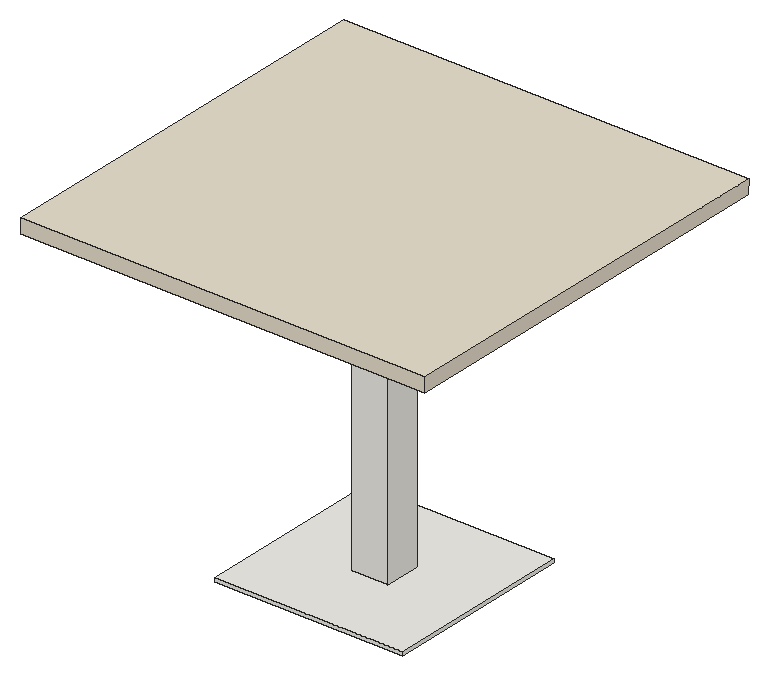
Revit family "FU_Table_Sandler_584MT", category Furniture, Revit 2020
Family settings
  OmniClass Number = 23.40.20.00
  OmniClass Title = General Furniture and Specialties
  Work Plane-Based = No
  Always vertical = Yes
  Cut with Voids When Loaded = No
  Shared = No
  Room Calculation Point = No
Parameters (values of type "584 MT - 36" Square Top (90cm)")
  Width = 420 mm
  URL = "https://www.sandlerseating.com/product/584-mt/"
  Top Type = FU_TableTops_MT Sqr : 36" Square (90cm)
  Top Elevation = Height  # 720 mm
  Top Finish [instance] = Wood - Beech - Grey Stained
  Model = "584 MT"
  Manufacturer = "Sandler"
  Height = 720 mm
  Frame Finish [instance] = Metal - Paint -AL VR - Pure White
  Description = "Table base. Available in powdercoat painted finishes.\r\nOptional upcharge for outdoor version with galvanized-treated frame and adjustable feet."
  Depth = Width  # 420 mm
  Default Elevation = 0 mm
Types (5, lengths in mm): name | Top Type
  (no name) | FU_TableTops_MT Sqr : 36" Square (90cm)
  584 MT - 32" Round Top (80cm) | FU_TableTops_MT Rnd : 32" Round (80cm)
  584 MT - 36" Round Top (90cm) | FU_TableTops_MT Rnd : 36" Round (90cm)
  584 MT - 32" Square Top (80cm) | FU_TableTops_MT Sqr : 32" Square (80cm)
  584 MT - 36" Square Top (90cm) | FU_TableTops_MT Sqr : 36" Square (90cm)
Reference planes
  plane 1 "Center (Front/Back)": y = 0
  plane 2: z = 0
  plane 3 "Center (Left/Right)": x = 0
  plane 4 "Right": x = -210
  plane 5 "Left": x = 210
  plane 6 "Back": y = 210
  plane 7 "Front": y = -210
  plane 8 "Height": z = 720
  plane 9 "Top Support": z = 700
  plane 10 "Glide Height": z = 6
  plane 11 "Base height": z = 14
  plane 12 "R Pad C": x = -194
  plane 13 "B Pad C": y = 194
  plane 14 "L Pad C": x = 194
  plane 15 "F Pad C": y = -194
Forms (mm)
  Extrusion 1, solid, material "Metal - Paint -AL VR - Pure White" <- "Frame Finish"
    sketch origin (0, 0, 6) x (-1, 0, 0) y (0, -1, 0)
      loop
        line (210, -210) -> (210, 210) -> (-210, 210) -> (-210, -210) -> (210, -210)
    from 0 to 8
  Revolve 2, solid, material "Rubber, Black"
    sketch origin (0, 0, 0) x (1, 0, 0) y (0, 0, 1)
      loop
        line (-194, 0) -> (-194, 6) -> (-202, 6) -> (-202, 2)
        arc (-202, 2) -> (-201.414, 0.586) -> (-200, 0) r 2
        line (-200, 0) -> (-194, 0)
      axis (-194, 6) -> (-194, 0)
    angle from 0 to 360
  Revolve 3, solid, material "Rubber, Black"
    sketch origin (0, 0, 0) x (-1, 0, 0) y (0, 0, 1)
      loop
        line (-194, 0) -> (-194, 6) -> (-202, 6) -> (-202, 2)
        arc (-202, 2) -> (-201.414, 0.586) -> (-200, 0) r 2
        line (-200, 0) -> (-194, 0)
      axis (-194, 6) -> (-194, 0)
    angle from 0 to 360
  Revolve 4, solid, material "Rubber, Black"
    sketch origin (0, 0, 0) x (0, 1, 0) y (0, 0, 1)
      loop
        line (-194, 6) -> (-202, 6) -> (-202, 2)
        arc (-202, 2) -> (-201.414, 0.586) -> (-200, 0) r 2
        line (-200, 0) -> (-194, 0) -> (-194, 6)
      axis (-194, 6) -> (-194, 0)
    angle from 0 to 360
  Revolve 5, solid, material "Rubber, Black"
    sketch origin (0, 0, 0) x (0, -1, 0) y (0, 0, 1)
      loop
        line (-194, 6) -> (-202, 6) -> (-202, 2)
        arc (-202, 2) -> (-201.414, 0.586) -> (-200, 0) r 2
        line (-200, 0) -> (-194, 0) -> (-194, 6)
      axis (-194, 6) -> (-194, 0)
    angle from 0 to 360
  Extrusion 6, solid, material "Metal - Paint -AL VR - Pure White" <- "Frame Finish"
    sketch origin (0, 0, 6) x (-1, 0, 0) y (0, -1, 0)
      loop
        line (-40, 40) -> (-40, -40) -> (40, -40) -> (40, 40) -> (-40, 40)
    from 0 to 694
Dimensions and locks
  equal spacing: plane 4 "Right", plane 3 "Center (Left/Right)", plane 5 "Left"
  "Width": plane 4 "Right" to plane 5 "Left"
  equal spacing: plane 6 "Back", plane 1 "Center (Front/Back)", plane 7 "Front"
  "Depth": plane 6 "Back" to plane 7 "Front"
  "Height": plane 8 "Height" to level
  locked: plane 8 "Height" to plane 9 "Top Support" at 20
  locked: plane 4 "Right" to plane 12 "R Pad C" at 16
  plane 14 "L Pad C" to plane 5 "Left" = 16 mm
  locked: plane 6 "Back" to plane 13 "B Pad C" at 16
  locked: plane 15 "F Pad C" to plane 7 "Front" at 16
  aligned and locked: level to plane 2
  aligned and locked: plane 11 "Base height" to Extrusion 1
  aligned and locked: Extrusion 1 to plane 11 "Base height"  (x3)
  aligned and locked: plane 8 "Height" to nested 1
  aligned and locked: Extrusion 6 to plane 10 "Glide Height"
  aligned and locked: plane 9 "Top Support" to Extrusion 6
  aligned and locked: Extrusion 1 sketch curve to plane 6 "Back"
  aligned and locked: Extrusion 1 sketch curve to plane 4 "Right"
  aligned and locked: plane 7 "Front" to Extrusion 1 sketch curve
  aligned and locked: plane 5 "Left" to Extrusion 1 sketch curve
Automatic sketch dimensions
  Revolve 2 sketch curve to plane 10 "Glide Height" = 0 mm
  Revolve 2 sketch curve to level = 0 mm
  plane 12 "R Pad C" to Revolve 2 sketch curve = 0 mm  (x2)
  Revolve 2 sketch curve to Revolve 2 sketch curve = 6 mm
  Revolve 2 sketch curve to Revolve 2 sketch curve = 2 mm
  Revolve 2 sketch curve to level = 10.049 mm
  Revolve 2 sketch curve to plane 11 "Base height" = 2.095 mm
  Revolve 3 sketch curve to plane 10 "Glide Height" = 0 mm
  Revolve 3 sketch curve to level = 0 mm
  Revolve 3 sketch curve to plane 14 "L Pad C" = 0 mm  (x2)
  Revolve 3 sketch curve to Revolve 3 sketch curve = 6 mm
  Revolve 3 sketch curve to Revolve 3 sketch curve = 2 mm
  level to Revolve 3 sketch curve = 10.049 mm
  plane 11 "Base height" to Revolve 3 sketch curve = 2.095 mm
  Revolve 4 sketch curve to plane 10 "Glide Height" = 0 mm
  Revolve 4 sketch curve to level = 0 mm
  Revolve 4 sketch curve to plane 15 "F Pad C" = 0 mm  (x2)
  level to Revolve 4 sketch curve = 2 mm
  plane 15 "F Pad C" to Revolve 4 sketch curve = 6 mm
  Revolve 4 sketch curve to level = 5.787 mm
  Revolve 4 sketch curve to plane 11 "Base height" = 1.201 mm
  Revolve 5 sketch curve to plane 10 "Glide Height" = 0 mm
  Revolve 5 sketch curve to level = 0 mm
  Revolve 5 sketch curve to plane 13 "B Pad C" = 0 mm  (x2)
  Revolve 5 sketch curve to level = 2 mm
  Revolve 5 sketch curve to plane 13 "B Pad C" = 6 mm
  Revolve 5 sketch curve to Revolve 5 sketch curve = 5.787 mm
  plane 11 "Base height" to Revolve 5 sketch curve = 1.201 mm
  plane 3 "Center (Left/Right)" to Extrusion 6 sketch curve = 40 mm
  plane 1 "Center (Front/Back)" to Extrusion 6 sketch curve = 40 mm
  Extrusion 6 sketch curve to plane 3 "Center (Left/Right)" = 40 mm
  Extrusion 6 sketch curve to plane 1 "Center (Front/Back)" = 40 mm
Nested families
  nested 1: "MT Top Support" at (0, 0, 0), Frame Finish <- "Frame Finish", type "MT Top Support"
    with Frame Finish Metal - Paint -AL VR - Pure White
  nested 2: "FU_TableTops_MT Sqr" at (0, 0, 0), Top Elevation <- "Top Elevation", Top Finish <- "Top Finish", type <- "Top Type", type "36" Square (90cm)"
    with Top Finish Wood - Beech - Grey Stained, Top Elevation 720 mm
Definition of nested family "MT Top Support"
  Parameters (values of type "MT Top Support")
    Frame Finish [instance] = none
    Default Elevation = 0 mm
  Reference planes
    plane 1 "Center (Front/Back)": y = 0
    plane 2: z = 0
    plane 3 "Center (Left/Right)": x = 0
    plane 4 "Right": x = -210
    plane 5 "Left": x = 210
    plane 6 "Back": y = 210
    plane 7 "Front": y = -210
    plane 8 "Height": z = 720
    plane 9: z = 700
  Forms (mm)
    Extrusion 1, solid, material <- "Frame Finish"
      sketch origin (0, 0, 700) x (-1, 0, 0) y (0, -1, 0)
        loop
          line (48, 44.024) -> (119.736, 115.76)
          arc (119.736, 115.76) -> (116.918, 118.6) -> (114.032, 121.37) r 166.741
          line (114.032, 121.37) -> (40.38, 47.718) -> (-40.38, 47.718) -> (-114.032, 121.37)
          arc (-114.032, 121.37) -> (-116.918, 118.6) -> (-119.736, 115.76) r 166.741
          line (-119.736, 115.76) -> (-48, 44.024) -> (-48, -44.024) -> (-120.014, -116.038)
          arc (-120.014, -116.038) -> (-117.202, -118.884) -> (-114.323, -121.661) r 166.741
          line (-114.323, -121.661) -> (-40.944, -48.282) -> (40.944, -48.282) -> (114.323, -121.661)
          arc (114.323, -121.661) -> (117.202, -118.884) -> (120.014, -116.038) r 166.741
          line (120.014, -116.038) -> (48, -44.024) -> (48, 44.024)
      from 0 to 15
    Extrusion 2, solid, material <- "Frame Finish"
      sketch origin (0, 0, 720) x (-1, 0, 0) y (0, -1, 0)
        loop
          arc (48, 9.198) -> (50.194, 20.46) -> (56.455, 30.074) r 30
          line (56.455, 30.074) -> (155.027, 131.809)
          arc (155.027, 131.809) -> (157.282, 137.439) -> (154.939, 143.033) r 8
          line (154.939, 143.033) -> (142.122, 155.85)
          arc (142.122, 155.85) -> (136.465, 158.193) -> (130.808, 155.85) r 8
          line (130.808, 155.85) -> (32.027, 57.069)
          arc (32.027, 57.069) -> (22.294, 50.566) -> (10.814, 48.282) r 30
          line (10.814, 48.282) -> (-10.814, 48.282)
          arc (-10.814, 48.282) -> (-22.294, 50.566) -> (-32.027, 57.069) r 30
          line (-32.027, 57.069) -> (-130.808, 155.85)
          arc (-130.808, 155.85) -> (-136.465, 158.193) -> (-142.122, 155.85) r 8
          line (-142.122, 155.85) -> (-154.939, 143.033)
          arc (-154.939, 143.033) -> (-157.282, 137.439) -> (-155.027, 131.809) r 8
          line (-155.027, 131.809) -> (-56.455, 30.074)
          arc (-56.455, 30.074) -> (-50.194, 20.46) -> (-48, 9.198) r 30
          line (-48, 9.198) -> (-48, -9.198)
          arc (-48, -9.198) -> (-50.194, -20.46) -> (-56.455, -30.074) r 30
          line (-56.455, -30.074) -> (-155.027, -131.809)
          arc (-155.027, -131.809) -> (-157.282, -137.439) -> (-154.939, -143.033) r 8
          line (-154.939, -143.033) -> (-142.122, -155.85)
          arc (-142.122, -155.85) -> (-136.465, -158.193) -> (-130.808, -155.85) r 8
          line (-130.808, -155.85) -> (-32.027, -57.069)
          arc (-32.027, -57.069) -> (-22.294, -50.566) -> (-10.814, -48.282) r 30
          line (-10.814, -48.282) -> (10.814, -48.282)
          arc (10.814, -48.282) -> (22.294, -50.566) -> (32.027, -57.069) r 30
          line (32.027, -57.069) -> (130.808, -155.85)
          arc (130.808, -155.85) -> (136.465, -158.193) -> (142.122, -155.85) r 8
          line (142.122, -155.85) -> (154.939, -143.033)
          arc (154.939, -143.033) -> (157.282, -137.439) -> (155.027, -131.809) r 8
          line (155.027, -131.809) -> (56.455, -30.074)
          arc (56.455, -30.074) -> (50.194, -20.46) -> (48, -9.198) r 30
          line (48, -9.198) -> (48, 9.198)
        loop
          line (-134.399, -141.055) -> (-124.502, -131.158)
          arc (-124.502, -131.158) -> (-124.502, -125.502) -> (-130.158, -125.502) r 3.999
          line (-130.158, -125.502) -> (-140.055, -135.399)
          arc (-140.055, -135.399) -> (-140, -141.001) -> (-134.399, -141.055) r 4
        loop
          arc (134.399, -141.055) -> (140, -141.001) -> (140.055, -135.399) r 4
          line (140.055, -135.399) -> (130.158, -125.502)
          arc (130.158, -125.502) -> (124.502, -125.502) -> (124.502, -131.158) r 3.999
          line (124.502, -131.158) -> (134.399, -141.055)
        loop
          arc (-134.399, 141.055) -> (-140, 141.001) -> (-140.055, 135.399) r 4
          line (-140.055, 135.399) -> (-130.158, 125.502)
          arc (-130.158, 125.502) -> (-124.502, 125.502) -> (-124.502, 131.158) r 3.999
          line (-124.502, 131.158) -> (-134.399, 141.055)
        loop
          line (134.399, 141.055) -> (124.502, 131.158)
          arc (124.502, 131.158) -> (124.502, 125.502) -> (130.158, 125.502) r 3.999
          line (130.158, 125.502) -> (140.055, 135.399)
          arc (140.055, 135.399) -> (140, 141.001) -> (134.399, 141.055) r 4
        loop
          circle (0, 0) r 7.5
      from -10 to 0
  Dimensions and locks
    equal spacing: plane 4 "Right", plane 3 "Center (Left/Right)", plane 5 "Left"
    plane 4 "Right" to plane 5 "Left" = 420 mm
    equal spacing: plane 6 "Back", plane 1 "Center (Front/Back)", plane 7 "Front"
    plane 6 "Back" to plane 7 "Front" = 420 mm
    plane 8 "Height" to level = 720 mm
    locked: plane 8 "Height" to plane 9 at 20
    aligned and locked: level to plane 2
  Automatic sketch dimensions
    plane 1 "Center (Front/Back)" to Extrusion 2 sketch curve = 0 mm
    Extrusion 2 sketch curve to plane 3 "Center (Left/Right)" = 0 mm
    plane 3 "Center (Left/Right)" to Extrusion 2 sketch curve = 10.814 mm  (x2)
    Extrusion 2 sketch curve to Extrusion 2 sketch curve = 21.213 mm  (x4)
    plane 1 "Center (Front/Back)" to Extrusion 2 sketch curve = 9.198 mm  (x2)
    plane 3 "Center (Left/Right)" to Extrusion 2 sketch curve = 48 mm
    Extrusion 2 sketch curve to plane 1 "Center (Front/Back)" = 30.074 mm  (x2)
    Extrusion 2 sketch curve to Extrusion 2 sketch curve = 8.455 mm  (x4)
    plane 1 "Center (Front/Back)" to Extrusion 2 sketch curve = 30.074 mm  (x2)
    Extrusion 2 sketch curve to plane 1 "Center (Front/Back)" = 9.198 mm  (x2)
    plane 5 "Left" to Extrusion 2 sketch curve = 85.498 mm  (x2)
    Extrusion 2 sketch curve to Extrusion 2 sketch curve = 2.828 mm  (x12)
    Extrusion 2 sketch curve to Extrusion 2 sketch curve = 6.306 mm  (x4)
    Extrusion 2 sketch curve to Extrusion 2 sketch curve = 9.897 mm  (x8)
    Extrusion 2 sketch curve to Extrusion 2 sketch curve = 5.657 mm  (x16)
    Extrusion 2 sketch curve to Extrusion 2 sketch curve = 2.773 mm  (x8)
    Extrusion 2 sketch curve to Extrusion 2 sketch curve = 2.883 mm  (x4)
    Extrusion 2 sketch curve to Extrusion 2 sketch curve = 9.227 mm  (x4)
    Extrusion 2 sketch curve to Extrusion 2 sketch curve = 5.745 mm  (x4)
    Extrusion 2 sketch curve to plane 3 "Center (Left/Right)" = 10.814 mm  (x2)
    Extrusion 2 sketch curve to plane 3 "Center (Left/Right)" = 48 mm
    Extrusion 2 sketch curve to plane 1 "Center (Front/Back)" = 48.282 mm
    Extrusion 2 sketch curve to Extrusion 2 sketch curve = 8.787 mm  (x4)
    Extrusion 2 sketch curve to plane 6 "Back" = 84.498 mm  (x2)
    Extrusion 2 sketch curve to Extrusion 2 sketch curve = 6.307 mm  (x4)
    Extrusion 2 sketch curve to Extrusion 2 sketch curve = 5.567 mm  (x4)
    Extrusion 2 sketch curve to Extrusion 2 sketch curve = 9.138 mm  (x4)
    plane 1 "Center (Front/Back)" to Extrusion 2 sketch curve = 48.282 mm
    plane 7 "Front" to Extrusion 2 sketch curve = 84.498 mm  (x2)
    Extrusion 1 sketch curve to Extrusion 1 sketch curve = 0 mm  (x12)
    Extrusion 1 sketch curve to plane 3 "Center (Left/Right)" = 0 mm
    plane 3 "Center (Left/Right)" to Extrusion 1 sketch curve = 40.38 mm
    plane 3 "Center (Left/Right)" to Extrusion 1 sketch curve = 40.944 mm
    Extrusion 1 sketch curve to Extrusion 1 sketch curve = 7.056 mm  (x2)
    plane 5 "Left" to Extrusion 1 sketch curve = 95.968 mm
    plane 5 "Left" to Extrusion 1 sketch curve = 95.677 mm
    Extrusion 1 sketch curve to Extrusion 1 sketch curve = 5.704 mm  (x2)
    Extrusion 1 sketch curve to Extrusion 1 sketch curve = 5.691 mm  (x2)
    Extrusion 1 sketch curve to plane 3 "Center (Left/Right)" = 40.38 mm
    Extrusion 1 sketch curve to plane 3 "Center (Left/Right)" = 40.944 mm
    Extrusion 1 sketch curve to plane 6 "Back" = 88.339 mm  (x2)
    Extrusion 1 sketch curve to Extrusion 1 sketch curve = 5.623 mm
    Extrusion 1 sketch curve to plane 1 "Center (Front/Back)" = 48.282 mm
    Extrusion 1 sketch curve to Extrusion 1 sketch curve = 4.258 mm  (x2)
    plane 1 "Center (Front/Back)" to Extrusion 1 sketch curve = 44.024 mm  (x2)
    Extrusion 1 sketch curve to Extrusion 1 sketch curve = 3.693 mm
    plane 7 "Front" to Extrusion 1 sketch curve = 94.24 mm  (x2)
    Extrusion 1 sketch curve to plane 4 "Right" = 95.968 mm
    Extrusion 1 sketch curve to plane 4 "Right" = 95.677 mm
    Extrusion 2 sketch curve to plane 4 "Right" = 85.498 mm  (x2)
    radius of Extrusion 2 sketch curve = 7.5 mm
Definition of nested family "FU_TableTops_MT Sqr"
  Parameters (values of type "36" Square (90cm)")
    Width = 900 mm
    Top Finish [instance] = none
    Top Elevation [instance] = 1100 mm
    Depth = 900 mm
    Default Elevation = 0 mm
  Types (10, lengths in mm): name | Width | Depth
    28x48" Top (70x120cm) | 1200 | 700
    28x52" Top (70x130cm) | 1300 | 700
    32x48" Top (80x120cm) | 1200 | 800
    32x52" Top (80x130cm) | 1300 | 800
    28x55" Top (70x140cm) | 1400 | 700
    32x55" Top (80x140cm) | 1400 | 800
    24" Square (60cm) | 600 | 600
    28" Square (70cm) | 700 | 700
    32" Square (80cm) | 700 | 700
    36" Square (90cm) | 900 | 900
  Reference planes
    plane 1 "Center (Front/Back)": y = 0
    plane 2: z = 0
    plane 3 "Center (Left/Right)": x = 0
    plane 4 "Right": x = -450
    plane 5 "Left": x = 450
    plane 6 "Back": y = 450
    plane 7 "Front": y = -450
    plane 8 "Elevation": z = 1100
    plane 9 "Top Height": z = 1131.75
  Forms (mm)
    Extrusion 1, solid, material <- "Top Finish"
      sketch origin (0, 0, 1100) x (-1, 0, 0) y (0, -1, 0)
        loop
          line (450, -450) -> (450, 450) -> (-450, 450) -> (-450, -450) -> (450, -450)
      from 0 to 31.75
  Dimensions and locks
    equal spacing: plane 4 "Right", plane 3 "Center (Left/Right)", plane 5 "Left"
    "Width": plane 4 "Right" to plane 5 "Left"
    equal spacing: plane 6 "Back", plane 1 "Center (Front/Back)", plane 7 "Front"
    "Depth": plane 6 "Back" to plane 7 "Front"
    "Top Elevation": plane 8 "Elevation" to level
    locked: plane 9 "Top Height" to plane 8 "Elevation" at 31.75
    aligned and locked: level to plane 2
    aligned and locked: Extrusion 1 sketch curve to plane 6 "Back"
    aligned and locked: Extrusion 1 sketch curve to plane 4 "Right"
    aligned and locked: plane 7 "Front" to Extrusion 1 sketch curve
    aligned and locked: plane 5 "Left" to Extrusion 1 sketch curve
    aligned and locked: Extrusion 1 to plane 8 "Elevation"
    aligned and locked: plane 8 "Elevation" to Extrusion 1  (x2)
    aligned and locked: plane 9 "Top Height" to Extrusion 1
    aligned and locked: Extrusion 1 to plane 9 "Top Height"
